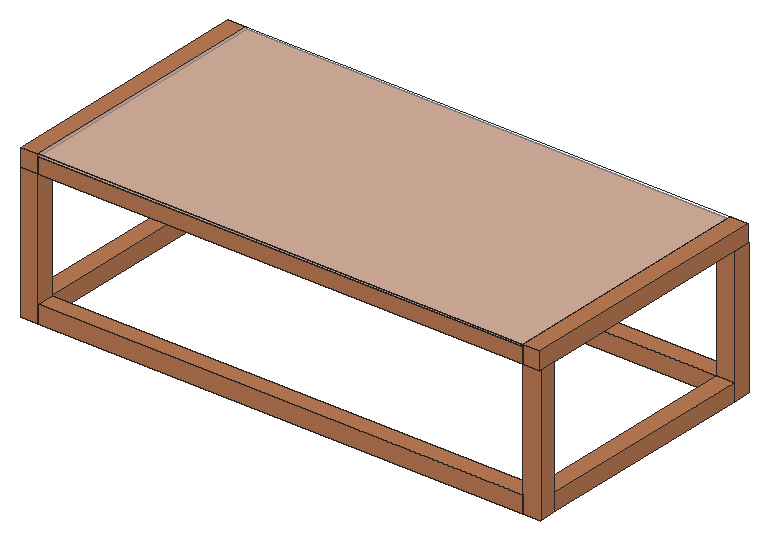
Revit family
Parameters (values of type "KO-Domestic table TT1900WA 01 W1200*D600*H350")
  Assembly Code = ""
  Manufacturer = "BORNEO"
  side material = cherry length weak
  mirror material = White glass
  upper face material = cherry width weak
  Model = "TT1900WA"
  leg material = cherry length weak
  Width = 1200 mm
  Height = 350 mm
  Depth = 600 mm
Reference planes
  plane 1 "중심(앞/뒤)": y = -20
  plane 2: z = 0
  plane 3 "중심(왼쪽/오른쪽)": x = 0
  plane 4: y = 280
  plane 5: y = -320
  plane 6: x = -600
  plane 7: x = 600
  plane 8: z = 350
  plane 9: z = 310
  plane 10: x = -560
  plane 11: z = 40
  plane 12: x = 560
  plane 13: z = 345
  plane 14: y = 240
  plane 15: y = -280
Forms (mm)
  Extrusion 1, solid, material "cherry width weak" <- "upper face material"
    sketch origin (0, -20, 0) x (1, 0, 0) y (0, 0, 1)
      loop
        line (-560, 40) -> (-560, 0) -> (560, 0) -> (560, 40) -> (-560, 40)
    from 260 to 300
  Extrusion 2, solid, material "cherry length weak" <- "side material"
    sketch origin (0, 0, 0) x (0, 1, 0) y (0, 0, 1)
      loop
        line (-280, 40) -> (-280, 0) -> (240, 0) -> (240, 40) -> (-280, 40)
    from 560 to 600
  Extrusion 3, solid, material "cherry length weak" <- "side material"
    sketch origin (0, 0, 0) x (0, 1, 0) y (0, 0, -1)
      loop
        line (-280, -40) -> (240, -40) -> (240, 0) -> (-280, 0) -> (-280, -40)
    from 560 to 600
  Extrusion 4, solid, material "cherry width weak" <- "upper face material"
    sketch origin (0, 0, 0) x (-1, 0, 0) y (0, 0, 1)
      loop
        line (-560, 40) -> (-560, 0) -> (560, 0) -> (560, 40) -> (-560, 40)
    from 240 to 280
  Extrusion 5, solid, material "cherry length weak" <- "leg material"
    sketch origin (0, -20, 0) x (1, 0, 0) y (0, 0, 1)
      loop
        line (-600, 310) -> (-600, 0) -> (-560, 0) -> (-560, 310) -> (-600, 310)
      loop
        line (600, 310) -> (560, 310) -> (560, 0) -> (600, 0) -> (600, 310)
    from 260 to 300
  Extrusion 6, solid, material "cherry length weak" <- "leg material"
    sketch origin (0, 0, 0) x (1, 0, 0) y (0, 0, -1)
      loop
        line (-600, -310) -> (-560, -310) -> (-560, 0) -> (-600, 0) -> (-600, -310)
      loop
        line (600, -310) -> (600, 0) -> (560, 0) -> (560, -310) -> (600, -310)
    from 240 to 280
  Extrusion 7, solid, material "cherry length weak" <- "side material"
    sketch origin (0, 0, 350) x (0, 1, 0) y (0, 0, 1)
      loop
        line (-320, -40) -> (280, -40) -> (280, 0) -> (-320, 0) -> (-320, -40)
    from 560 to 600
  Extrusion 8, solid, material "cherry length weak" <- "side material"
    sketch origin (0, 0, 350) x (0, 1, 0) y (0, 0, -1)
      loop
        line (-320, 40) -> (-320, 0) -> (280, 0) -> (280, 40) -> (-320, 40)
    from 560 to 600
  Extrusion 9, solid, material "cherry width weak" <- "upper face material"
    sketch origin (0, -20, 0) x (1, 0, 0) y (0, 0, 1)
      loop
        line (-560, 345) -> (-560, 310) -> (560, 310) -> (560, 345) -> (-560, 345)
    from -300 to 300
  Extrusion 10, solid, material "White glass"
    sketch origin (0, 0, 0) x (1, 0, 0) y (0, 1, 0)
      loop
        line (-560, 280) -> (-560, -320) -> (560, -320) -> (560, 280) -> (-560, 280)
    from 345 to 350
Lines and regions (mm)
  symbolic lines, style "점선", detail levels coarse+medium
    curve 1: line (-600, 280, 0) -> (600, 280, 0)
    curve 2: line (-600, -320, 0) -> (-600, 280, 0)
    curve 3: line (600, -320, 0) -> (-600, -320, 0)
    curve 4: line (600, 280, 0) -> (600, -320, 0)
  symbolic lines, detail levels fine
    curve 5: line (-600, 280, 0) -> (600, 280, 0)
    curve 6: line (-600, -320, 0) -> (-600, 280, 0)
    curve 7: line (600, -320, 0) -> (-600, -320, 0)
    curve 8: line (600, 280, 0) -> (600, -320, 0)
    curve 9: line (-600, 240, 0) -> (600, 240, 0)
    curve 10: line (-560, -320, 0) -> (-560, 280, 0)
    curve 11: line (600, -280, 0) -> (-600, -280, 0)
    curve 12: line (560, 280, 0) -> (560, -320, 0)
Dimensions and locks
  equal spacing: plane 6, plane 3 "중심(왼쪽/오른쪽)", plane 7
  equal spacing: plane 5, plane 1 "중심(앞/뒤)", plane 4
  "Depth": plane 5 to plane 4
  "Height": plane 8 to level
  "Width": plane 6 to plane 7
  locked: plane 6 to plane 10 at 40
  locked: plane 12 to plane 7 at 40
  locked: plane 14 to plane 4 at 40
  locked: plane 5 to plane 15 at 40
  locked: plane 8 to plane 13 at 5
  locked: plane 13 to plane 9 at 35
  locked: plane 11 to level at 40
  aligned and locked: plane 4 to Extrusion 4
  aligned and locked: plane 7 to Extrusion 2
  aligned and locked: plane 5 to Extrusion 1
  aligned and locked: plane 6 to Extrusion 3
  aligned and locked: plane 12 to Extrusion 2
  aligned and locked: plane 5 to Extrusion 5
  aligned and locked: Extrusion 6 to plane 4
  aligned and locked: Extrusion 3 to Extrusion 6
  aligned and locked: Extrusion 3 to Extrusion 5
  aligned and locked: Extrusion 2 to Extrusion 3  (x2)
  aligned and locked: plane 9 to Extrusion 8
  aligned and locked: Extrusion 7 to plane 4
  aligned and locked: plane 5 to Extrusion 7
  aligned and locked: plane 5 to Extrusion 8
  aligned and locked: plane 6 to Extrusion 8
  aligned and locked: plane 10 to Extrusion 10
  aligned and locked: plane 12 to Extrusion 10
  aligned and locked: plane 7 to Extrusion 7
  aligned and locked: plane 14 to Extrusion 4
  aligned and locked: plane 4 to Extrusion 10
  aligned and locked: plane 15 to Extrusion 1
  aligned and locked: plane 5 to Extrusion 10
  aligned and locked: Extrusion 5 to plane 10
  aligned and locked: plane 6 to Extrusion 5
  aligned and locked: plane 7 to Extrusion 5
  aligned and locked: plane 12 to Extrusion 5
  aligned and locked: plane 11 to Extrusion 1
  aligned and locked: level to Extrusion 1
  aligned and locked: plane 8 to Extrusion 10
  aligned and locked: plane 13 to Extrusion 10
  aligned and locked: Extrusion 8 to plane 10
  aligned and locked: plane 12 to Extrusion 7
  aligned and locked: Extrusion 3 to plane 10
  aligned and locked: Extrusion 9 to plane 4
  aligned and locked: plane 5 to Extrusion 9
  aligned and locked: Extrusion 8 to curve 1
  aligned and locked: curve 1 to Extrusion 6
  aligned and locked: Extrusion 5 to curve 4
  aligned and locked: curve 4 to Extrusion 7
  aligned and locked: curve 9 to Extrusion 4
  aligned and locked: curve 12 to Extrusion 2
Automatic sketch dimensions
  Extrusion 1 sketch curve to level = 0 mm
  Extrusion 1 sketch curve to plane 10 = 0 mm
  Extrusion 1 sketch curve to plane 11 = 0 mm
  Extrusion 2 sketch curve to level = 0 mm
  Extrusion 2 sketch curve to plane 11 = 0 mm
  Extrusion 3 sketch curve to level = 0 mm
  Extrusion 3 sketch curve to plane 11 = 0 mm
  Extrusion 4 sketch curve to level = 0 mm
  Extrusion 4 sketch curve to plane 10 = 0 mm
  Extrusion 4 sketch curve to plane 11 = 0 mm
  plane 7 to Extrusion 1 sketch curve = 40 mm
  plane 7 to Extrusion 4 sketch curve = 40 mm
  Extrusion 5 sketch curve to level = 0 mm  (x2)
  Extrusion 5 sketch curve to plane 6 = 0 mm
  Extrusion 5 sketch curve to plane 10 = 0 mm
  Extrusion 5 sketch curve to plane 9 = 0 mm  (x2)
  Extrusion 5 sketch curve to plane 12 = 0 mm
  Extrusion 5 sketch curve to plane 7 = 0 mm
  Extrusion 6 sketch curve to level = 0 mm  (x2)
  Extrusion 6 sketch curve to plane 6 = 0 mm
  Extrusion 6 sketch curve to plane 10 = 0 mm
  Extrusion 6 sketch curve to plane 12 = 0 mm
  Extrusion 6 sketch curve to plane 7 = 0 mm
  Extrusion 6 sketch curve to plane 9 = 0 mm  (x2)
  Extrusion 2 sketch curve to plane 5 = 40 mm
  Extrusion 3 sketch curve to plane 5 = 40 mm
  plane 4 to Extrusion 2 sketch curve = 40 mm
  plane 4 to Extrusion 3 sketch curve = 40 mm
  plane 15 to Extrusion 7 sketch curve = 40 mm
  Extrusion 7 sketch curve to plane 14 = 40 mm
  plane 8 to Extrusion 7 sketch curve = 40 mm
  Extrusion 7 sketch curve to Extrusion 7 sketch curve = 40 mm
  Extrusion 8 sketch curve to plane 8 = 0 mm
  plane 15 to Extrusion 8 sketch curve = 40 mm
  Extrusion 8 sketch curve to plane 14 = 40 mm
  Extrusion 8 sketch curve to plane 9 = 0 mm
  Extrusion 9 sketch curve to plane 9 = 0 mm
  Extrusion 9 sketch curve to plane 10 = 0 mm
  Extrusion 9 sketch curve to plane 12 = 0 mm
  Extrusion 9 sketch curve to plane 13 = 0 mm
  Extrusion 10 sketch curve to plane 5 = 0 mm
  Extrusion 10 sketch curve to plane 10 = 0 mm
  Extrusion 10 sketch curve to plane 12 = 0 mm
  Extrusion 10 sketch curve to plane 4 = 0 mm
  curve 10 to plane 10 = 0 mm
  curve 11 to plane 15 = 0 mm
